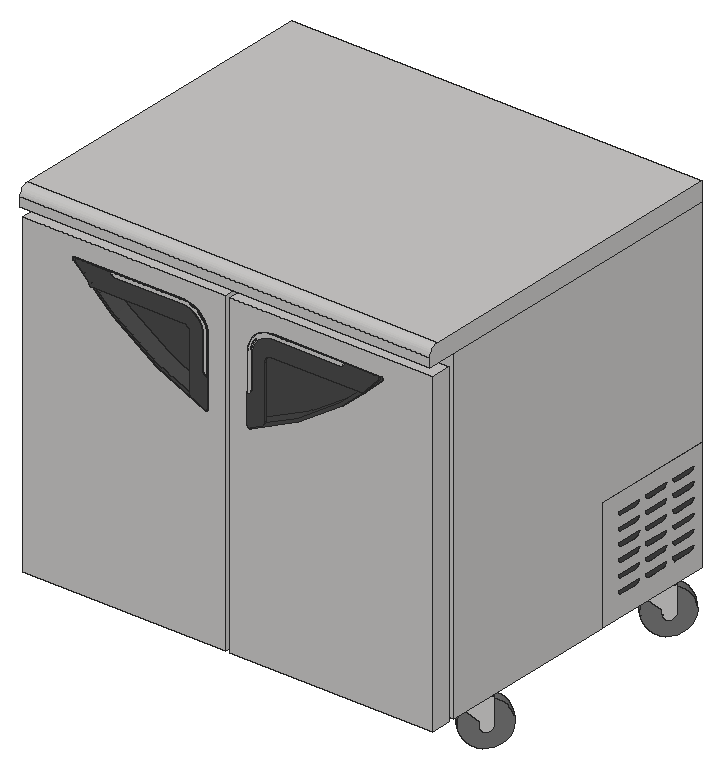
Revit family "QF_Turbo Air_TUR-36SD", category Specialty Equipment, Revit 2012
Parameters
  Weight in Pounds = 187
  Watermarked By = "http://revitwatermark.com"
  Volts = 115 V
  URL Cutsheet = ""
  URL = "www.turboairinc.com"
  Status [instance] = ""
  Specification by User [instance] = ""
  Specification by Manufacturer [instance] = ""
  Serial Number [instance] = ""
  Revision Code [instance] = ""
  Phase = 1
  Number of Poles [instance] = 1
  NAFEM Spec ID Number [instance] = ""
  Model = "TUR-36SD"
  Masterspec [instance] = ""
  Manufacturer = "Turbo Air"  # constant formula
  Legs [instance] = [6 inch Legs]  # no
  Item Number [instance] = "-"
  Installed By [instance] = ""
  HP = "1/3"
  Furnished By [instance] = ""
  Foodservice Equipment Identifier = yes
  FL Amps = 6.6 A
  Electrical Remarks [instance] = ""
  Electric Connection Type [instance] = ""
  Elec Conn RI Height [instance] = 0' - 0"
  Elec Conn Connection Height = 1' - 0"
  Description = "Undercounter Refrigerator"
  Cycle = 60 Hz
  Conn Plug = "NEMA 5-15P"
  Casters [instance] = not(Legs)  # yes
  CasterLeg Height [instance] = if([4 inch Casters], 0' 5", if([5 inch Casters], 0' 5 3/4", if([2_5 inch Casters], 0' 3 3/8", 0' 6")))  # 0' - 5"
  CSI MasterFormat = "11 41 13"
  Assembly Code = "E1090320"
  Apparent Power = if(Phase = 3, Volts * FL Amps * 1.73, Volts * FL Amps)  # 759 VA
  6 inch Legs [instance] = no
  5 inch Casters [instance] = no
  4 inch Casters [instance] = yes
  2_5 inch Casters [instance] = no
Reference planes (in)
  plane 1 "BACK": y = 0
  plane 2: z = 0
  plane 3 "LEFT": x = -20.78844
  plane 4 "Bottom": z = 5
  plane 5 "Back Stops": y = 1
  plane 6 "RIGHT": x = 15.46156
  plane 7 "FRONT": y = -30
  plane 8 "Door Clearance": y = -45.75
  plane 9 "Back of Door": y = -27.875
  plane 10 "Front of Box": y = -27.375
  plane 11 "Top of Door": z = 33.125
  plane 12 "TOP": z = 35.625
  plane 13 "Bottom of TOP": z = 34
  plane 14 "Center LR": x = -2.66344
  plane 15: x = -2.47594
  plane 16: x = -2.85094
Forms (in)
  Extrusion 1, solid, material "QF_Finishes_Stainless Steel"
    sketch origin (-20.78844, 0, 0) x (0, 1, 0) y (0, 0, 1)
      loop
        line (0, 5) -> (0, 34) -> (-27.375, 34) -> (-27.375, 5) -> (0, 5)
    from 0 to 36.25
  Extrusion 2, solid, material "QF_Finishes_Black"
    sketch origin (0, -27.375, 0) x (1, 0, 0) y (0, 0, 1)
      loop
        line (-19.78844, 32.125) -> (-19.78844, 6) -> (-3.85094, 6) -> (-3.85094, 32.125) -> (-19.78844, 32.125)
      loop
        line (-1.47594, 32.125) -> (-1.47594, 6) -> (14.46156, 6) -> (14.46156, 32.125) -> (-1.47594, 32.125)
    from 0 to 0.5
  Extrusion 3, void
    sketch origin (15.46156, 0, 0) x (0, 1, 0) y (0, 0, 1)
      loop
        line (0, 5) -> (0, 15) -> (-11, 15) -> (-11, 5) -> (0, 5)
    from 0 to -1
  Extrusion 4, solid, material "QF_Finishes_Stainless Steel"
    sketch origin (15.46156, 0, 0) x (0, 1, 0) y (0, 0, 1)
      loop
        line (-10.875, 14.875) -> (-10.875, 5) -> (0, 5) -> (0, 14.875) -> (-10.875, 14.875)
      loop
        arc (-9.25, 13.5) -> (-9.10355, 13.14645) -> (-8.75, 13) r 0.5
        line (-8.75, 13) -> (-7.25, 13)
        arc (-7.25, 13) -> (-6.89645, 13.14645) -> (-6.75, 13.5) r 0.5
        line (-6.75, 13.5) -> (-9.25, 13.5)
      loop
        arc (-6.25, 13.5) -> (-6.10355, 13.14645) -> (-5.75, 13) r 0.5
        line (-5.75, 13) -> (-4.25, 13)
        arc (-4.25, 13) -> (-3.89645, 13.14645) -> (-3.75, 13.5) r 0.5
        line (-3.75, 13.5) -> (-6.25, 13.5)
      loop
        arc (-3.25, 13.5) -> (-3.10355, 13.14645) -> (-2.75, 13) r 0.5
        line (-2.75, 13) -> (-1.25, 13)
        arc (-1.25, 13) -> (-0.89645, 13.14645) -> (-0.75, 13.5) r 0.5
        line (-0.75, 13.5) -> (-3.25, 13.5)
      loop
        arc (-9.25, 12.25) -> (-9.10355, 11.89645) -> (-8.75, 11.75) r 0.5
        line (-8.75, 11.75) -> (-7.25, 11.75)
        arc (-7.25, 11.75) -> (-6.89645, 11.89645) -> (-6.75, 12.25) r 0.5
        line (-6.75, 12.25) -> (-9.25, 12.25)
      loop
        arc (-6.25, 12.25) -> (-6.10355, 11.89645) -> (-5.75, 11.75) r 0.5
        line (-5.75, 11.75) -> (-4.25, 11.75)
        arc (-4.25, 11.75) -> (-3.89645, 11.89645) -> (-3.75, 12.25) r 0.5
        line (-3.75, 12.25) -> (-6.25, 12.25)
      loop
        arc (-3.25, 12.25) -> (-3.10355, 11.89645) -> (-2.75, 11.75) r 0.5
        line (-2.75, 11.75) -> (-1.25, 11.75)
        arc (-1.25, 11.75) -> (-0.89645, 11.89645) -> (-0.75, 12.25) r 0.5
        line (-0.75, 12.25) -> (-3.25, 12.25)
      loop
        arc (-9.25, 11) -> (-9.10355, 10.64645) -> (-8.75, 10.5) r 0.5
        line (-8.75, 10.5) -> (-7.25, 10.5)
        arc (-7.25, 10.5) -> (-6.89645, 10.64645) -> (-6.75, 11) r 0.5
        line (-6.75, 11) -> (-9.25, 11)
      loop
        arc (-6.25, 11) -> (-6.10355, 10.64645) -> (-5.75, 10.5) r 0.5
        line (-5.75, 10.5) -> (-4.25, 10.5)
        arc (-4.25, 10.5) -> (-3.89645, 10.64645) -> (-3.75, 11) r 0.5
        line (-3.75, 11) -> (-6.25, 11)
      loop
        arc (-3.25, 11) -> (-3.10355, 10.64645) -> (-2.75, 10.5) r 0.5
        line (-2.75, 10.5) -> (-1.25, 10.5)
        arc (-1.25, 10.5) -> (-0.89645, 10.64645) -> (-0.75, 11) r 0.5
        line (-0.75, 11) -> (-3.25, 11)
      loop
        arc (-9.25, 9.75) -> (-9.10355, 9.39645) -> (-8.75, 9.25) r 0.5
        line (-8.75, 9.25) -> (-7.25, 9.25)
        arc (-7.25, 9.25) -> (-6.89645, 9.39645) -> (-6.75, 9.75) r 0.5
        line (-6.75, 9.75) -> (-9.25, 9.75)
      loop
        arc (-6.25, 9.75) -> (-6.10355, 9.39645) -> (-5.75, 9.25) r 0.5
        line (-5.75, 9.25) -> (-4.25, 9.25)
        arc (-4.25, 9.25) -> (-3.89645, 9.39645) -> (-3.75, 9.75) r 0.5
        line (-3.75, 9.75) -> (-6.25, 9.75)
      loop
        arc (-3.25, 9.75) -> (-3.10355, 9.39645) -> (-2.75, 9.25) r 0.5
        line (-2.75, 9.25) -> (-1.25, 9.25)
        arc (-1.25, 9.25) -> (-0.89645, 9.39645) -> (-0.75, 9.75) r 0.5
        line (-0.75, 9.75) -> (-3.25, 9.75)
      loop
        arc (-9.25, 8.5) -> (-9.10355, 8.14645) -> (-8.75, 8) r 0.5
        line (-8.75, 8) -> (-7.25, 8)
        arc (-7.25, 8) -> (-6.89645, 8.14645) -> (-6.75, 8.5) r 0.5
        line (-6.75, 8.5) -> (-9.25, 8.5)
      loop
        arc (-6.25, 8.5) -> (-6.10355, 8.14645) -> (-5.75, 8) r 0.5
        line (-5.75, 8) -> (-4.25, 8)
        arc (-4.25, 8) -> (-3.89645, 8.14645) -> (-3.75, 8.5) r 0.5
        line (-3.75, 8.5) -> (-6.25, 8.5)
      loop
        arc (-3.25, 8.5) -> (-3.10355, 8.14645) -> (-2.75, 8) r 0.5
        line (-2.75, 8) -> (-1.25, 8)
        arc (-1.25, 8) -> (-0.89645, 8.14645) -> (-0.75, 8.5) r 0.5
        line (-0.75, 8.5) -> (-3.25, 8.5)
      loop
        arc (-9.25, 7.25) -> (-9.10355, 6.89645) -> (-8.75, 6.75) r 0.5
        line (-8.75, 6.75) -> (-7.25, 6.75)
        arc (-7.25, 6.75) -> (-6.89645, 6.89645) -> (-6.75, 7.25) r 0.5
        line (-6.75, 7.25) -> (-9.25, 7.25)
      loop
        arc (-6.25, 7.25) -> (-6.10355, 6.89645) -> (-5.75, 6.75) r 0.5
        line (-5.75, 6.75) -> (-4.25, 6.75)
        arc (-4.25, 6.75) -> (-3.89645, 6.89645) -> (-3.75, 7.25) r 0.5
        line (-3.75, 7.25) -> (-6.25, 7.25)
      loop
        arc (-3.25, 7.25) -> (-3.10355, 6.89645) -> (-2.75, 6.75) r 0.5
        line (-2.75, 6.75) -> (-1.25, 6.75)
        arc (-1.25, 6.75) -> (-0.89645, 6.89645) -> (-0.75, 7.25) r 0.5
        line (-0.75, 7.25) -> (-3.25, 7.25)
    from 0 to -1
  Extrusion 5, solid, material "QF_Finishes_Black"
    sketch origin (15.46156, 0, 0) x (0, 1, 0) y (0, 0, 1)
      loop
        line (-9.875, 13.95221) -> (-9.875, 6.20221) -> (-0.375, 6.20221) -> (-0.375, 13.95221) -> (-9.875, 13.95221)
    from -0.125 to -1
  Extrusion 6, solid, material "QF_Finishes_Black"
    sketch origin (0, 0, 0) x (1, 0, 0) y (0, 0, 1)
      loop
        circle (-14.66344, 30.8125) r 0.5
      loop
        circle (9.33656, 30.8125) r 0.5
    from 0 to -1
  Extrusion 7, solid, material "QF_Finishes_Stainless Steel"
    sketch origin (0, 0, 0) x (1, 0, 0) y (0, 0, 1)
      loop
        circle (11.46156, 11.125) r 0.25
    from 0 to -0.0625
  Extrusion 8, solid, material "QF_Finishes_Polished Steel"
    sketch origin (-20.78844, 0, 0) x (0, 1, 0) y (0, 0, 1)
      loop
        line (0, 35.625) -> (-29.1875, 35.625)
        arc (-29.1875, 35.625) -> (-29.76202, 35.38702) -> (-30, 34.8125) r 0.8125
        line (-30, 34.8125) -> (-30, 34) -> (0, 34) -> (0, 35.625)
    from 0 to 36.25
Cuts and joins
  Extrusion 3 cuts Extrusion 1
Lines and regions (in)
  symbolic lines
    curve 1: line (-20.78844, 0, 35.875) -> (15.46156, 0, 35.875)
    curve 2: line (-20.78844, -30, 35.875) -> (-20.78844, 0, 35.875)
    curve 3: line (15.46156, -30, 35.875) -> (-20.78844, -30, 35.875)
    curve 4: line (15.46156, 0, 35.875) -> (15.46156, -30, 35.875)
    curve 5: line (8.83656, 1, 35.875) -> (9.83656, 1, 35.875)
    curve 6: line (-15.16344, 1, 35.875) -> (-14.16344, 1, 35.875)
    curve 7: line (-15.16344, 1, 35.875) -> (-15.16344, 0, 35.875)
    curve 8: line (-14.16344, 1, 35.875) -> (-14.16344, 0, 35.875)
    curve 9: line (8.83656, 1, 35.875) -> (8.83656, 0, 35.875)
    curve 10: line (9.83656, 1, 35.875) -> (9.83656, 0, 35.875)
  symbolic lines, style "QF_Clearances", detail levels coarse
    curve 11: line (15.46156, -30, 35.875) -> (15.46156, -45.75, 35.875)
    curve 12: arc (15.46156, -45.75, 35.875) -> (3.59709, -41.24474, 35.875) -> (-2.28668, -30, 35.875) r 17.875
    curve 13: line (-20.78844, -30, 35.875) -> (-20.78844, -45.75, 35.875)
    curve 14: arc (-20.78844, -45.75, 35.875) -> (-8.92397, -41.24474, 35.875) -> (-3.0402, -30, 35.875) r 17.875
Dimensions and locks (in)
  "CasterLeg Height": plane 4 "Bottom" to plane 2
  locked: plane 1 "BACK" to plane 5 "Back Stops" at 1
  locked: plane 6 "RIGHT" to plane 3 "LEFT" at 36.25
  locked: plane 7 "FRONT" to plane 1 "BACK" at 30
  locked: plane 9 "Back of Door" to plane 10 "Front of Box" at 0.5
  locked: plane 8 "Door Clearance" to plane 1 "BACK" at 45.75
  locked: plane 11 "Top of Door" to Extrusion 2 sketch curve at 1  (x2)
  locked: Extrusion 2 sketch curve to plane 3 "LEFT" at 1
  locked: Extrusion 2 sketch curve to plane 4 "Bottom" at 1  (x2)
  locked: Extrusion 3 sketch curve to plane 1 "BACK" at 11
  locked: Extrusion 3 sketch curve to plane 4 "Bottom" at 10
  locked: plane 4 "Bottom" to Extrusion 4 sketch curve at 9.875
  locked: Extrusion 4 sketch curve to plane 1 "BACK" at 10.875
  locked: Extrusion 5 sketch curve to Extrusion 5 sketch curve at 7.75
  locked: Extrusion 5 sketch curve to plane 4 "Bottom" at 1.20221
  locked: Extrusion 5 sketch curve to Extrusion 5 sketch curve at 9.5
  locked: Extrusion 5 sketch curve to plane 1 "BACK" at 0.375
  locked: nested 2 to plane 1 "BACK" at 2.5625
  locked: plane 3 "LEFT" to nested 2 at 2.5
  locked: plane 3 "LEFT" to nested 3 at 2.5
  locked: plane 10 "Front of Box" to nested 3 at 4.625
  locked: nested 4 to plane 6 "RIGHT" at 2.5
  locked: nested 5 to plane 6 "RIGHT" at 2.5
  locked: plane 10 "Front of Box" to nested 5 at 4.625
  locked: nested 4 to plane 1 "BACK" at 2.5625
  locked: plane 6 "RIGHT" to Extrusion 6 sketch curve at 6.125
  locked: Extrusion 6 sketch curve to plane 3 "LEFT" at 6.125
  locked: Extrusion 7 sketch curve to plane 4 "Bottom" at 6.125
  locked: plane 6 "RIGHT" to Extrusion 7 sketch curve at 4
  locked: plane 12 "TOP" to plane 4 "Bottom" at 30.625
  locked: plane 12 "TOP" to plane 13 "Bottom of TOP" at 1.625
  locked: plane 13 "Bottom of TOP" to plane 11 "Top of Door" at 0.875
  plane 9 "Back of Door" to plane 1 "BACK" = 2' - 3 7/8"
  equal spacing: plane 3 "LEFT", plane 14 "Center LR", plane 6 "RIGHT"
  plane 16 to plane 14 "Center LR" to plane 15 = 0' - 0 3/16" locked, 0' - 0 3/16" locked
  locked: Extrusion 2 sketch curve to plane 16 at 1
  locked: Extrusion 2 sketch curve to plane 6 "RIGHT" at 1
  locked: Extrusion 2 sketch curve to plane 15 at 1
  aligned and locked: level to plane 2
  aligned and locked: plane 6 "RIGHT" to nested 1
  aligned and locked: Extrusion 1 sketch curve to plane 1 "BACK"
  aligned and locked: Extrusion 1 sketch curve to plane 4 "Bottom"
  aligned and locked: plane 10 "Front of Box" to Extrusion 1 sketch curve
  aligned and locked: plane 6 "RIGHT" to Extrusion 1
  aligned and locked: plane 9 "Back of Door" to Extrusion 2
  aligned and locked: Extrusion 3 sketch curve to plane 1 "BACK"
  aligned and locked: Extrusion 3 sketch curve to plane 4 "Bottom"
  aligned and locked: Extrusion 6 to plane 5 "Back Stops"
  aligned and locked: plane 1 "BACK" to curve 1
  aligned and locked: curve 4 to plane 6 "RIGHT"
  aligned and locked: plane 3 "LEFT" to curve 2
  aligned and locked: curve 3 to plane 7 "FRONT"
  aligned and locked: curve 5 to Extrusion 6
  aligned and locked: curve 6 to Extrusion 6
  aligned and locked: Extrusion 1 sketch curve to plane 13 "Bottom of TOP"
  aligned and locked: plane 1 "BACK" to Extrusion 8 sketch curve
  aligned and locked: plane 13 "Bottom of TOP" to Extrusion 8 sketch curve
  aligned and locked: Extrusion 8 sketch curve to plane 7 "FRONT"
  aligned and locked: Extrusion 8 sketch curve to plane 12 "TOP"
  aligned and locked: plane 6 "RIGHT" to Extrusion 8
  aligned and locked: nested 6 to plane 4 "Bottom"
  aligned and locked: plane 4 "Bottom" to nested 1
Automatic sketch dimensions
  Extrusion 4 sketch curve to plane 1 "BACK" = 0' - 0"
  Extrusion 4 sketch curve to plane 4 "Bottom" = 0' - 0"
  Extrusion 4 sketch curve to Extrusion 4 sketch curve = 0' - 1 5/8"
  Extrusion 4 sketch curve to Extrusion 4 sketch curve = 0' - 0"  (x16)
  Extrusion 4 sketch curve to Extrusion 4 sketch curve = 0' - 0 1/2"  (x31)
  Extrusion 4 sketch curve to Extrusion 4 sketch curve = 0' - 1 1/2"  (x4)
  plane 1 "BACK" to Extrusion 4 sketch curve = 0' - 1 1/4"  (x3)
  plane 4 "Bottom" to Extrusion 4 sketch curve = 0' - 1 3/4"  (x2)
  Extrusion 4 sketch curve to Extrusion 4 sketch curve = 0' - 0 3/4"  (x15)
  Extrusion 6 sketch curve to plane 11 "Top of Door" = 0' - 2 5/16"  (x2)
  Extrusion 8 sketch curve to plane 7 "FRONT" = 0' - 0 13/16"
  plane 8 "Door Clearance" to curve 11 = 0' - 0"
  plane 8 "Door Clearance" to curve 14 = 0' - 0"
  plane 9 "Back of Door" to curve 12 = 0' - 0"
  plane 9 "Back of Door" to curve 14 = 0' - 0"
  curve 10 to plane 6 "RIGHT" = 0' - 5 5/8"
  curve 5 to curve 9 = 0' - 1"
  plane 3 "LEFT" to curve 8 = 0' - 6 5/8"
  curve 6 to curve 7 = 0' - 1"
  radius of Extrusion 6 sketch curve = 0' - 0 1/2"  (x2)
  radius of Extrusion 7 sketch curve = 0' - 0 1/4"
Nested families (in)
  nested 1: "QF_Turbo Air_TBL_Door-2" at (0.28489, -27.875, 5) x (-1, 0, 0) z (0, 0, 1), type "QF_Turbo Air_TBL_Door-2"
    with Width 1' - 5 15/16", Symbolic Lines no, Height 2' - 4 1/8", Depth 0' - 1 13/16"
  nested 2: "FESCasterLeg" at (-18.28844, -2.5625, 0), Legs <- "Legs", Casters <- "Casters", Height <- "CasterLeg Height", type "FESCasterLeg"
    with Legs no, Height 0' - 5", Casters yes, Caster Radius 0' - 2"
  nested 3: "FESCasterLeg" at (-18.28844, -22.75, 0), Legs <- "Legs", Casters <- "Casters", Height <- "CasterLeg Height", type "FESCasterLeg"
    with Legs no, Height 0' - 5", Casters yes, Caster Radius 0' - 2"
  nested 4: "FESCasterLeg" at (12.96156, -2.5625, 0), Legs <- "Legs", Casters <- "Casters", Height <- "CasterLeg Height", type "FESCasterLeg"
    with Legs no, Height 0' - 5", Casters yes, Caster Radius 0' - 2"
  nested 5: "FESCasterLeg" at (12.96156, -22.75, 0), Legs <- "Legs", Casters <- "Casters", Height <- "CasterLeg Height", type "FESCasterLeg"
    with Legs no, Height 0' - 5", Casters yes, Caster Radius 0' - 2"
  nested 6: "QF_Turbo Air_TBL_Door-2" at (-5.61177, -27.875, 5), type "QF_Turbo Air_TBL_Door-2"
    with Width 1' - 5 15/16", Symbolic Lines no, Height 2' - 4 1/8", Depth 0' - 1 13/16"
Connectors (in)
  electrical at (11.46156, 0.0625, 11.125), driven by "Number of Poles", driven by "Volts", driven by "Apparent Power"
    settings: on Extrusion 7, index 1, voltage 115 V, apparent load 759 VA, apparent load phase1 0 VA, apparent load phase2 0 VA, apparent load phase3 0 VA, power factor 1, load classification "Other", number of poles 1, system type 30, power factor state 1, is connector primary yes, connector utility no, sub classification motor no, connector description ""
Definition of nested family "QF_Turbo Air_TBL_Door-2"
  Parameters (values of type "QF_Turbo Air_TBL_Door-2")
    Width [instance] = 1' - 6"
    Watermarked By = "http://revitwatermark.com"
    Symbolic Lines [instance] = yes
    Manufacturer = "Turbo Air"  # constant formula
    Height [instance] = 2' - 3 1/2"
    Depth [instance] = 0' - 1 13/16"
  Reference planes (in)
    plane 1 "BACK": y = 0
    plane 2: z = 0
    plane 3 "LEFT": x = -15.17667
    plane 4: x = 2.82333
    plane 5 "FRONT": y = -1.8125
    plane 6: z = 27.5
  Forms (in)
    Extrusion 1, solid, material "QF_Finishes_Stainless Steel"
      sketch origin (0, 0, 0) x (1, 0, 0) y (0, 0, 1)
        loop
          line (-15.17667, 27.5) -> (-15.17667, 0) -> (2.82333, 0) -> (2.82333, 27.5) -> (-15.17667, 27.5)
        loop
          arc (1.26083, 23.75) -> (0.62013, 25.2968) -> (-0.92667, 25.9375) r 2.1875
          line (-0.92667, 25.9375) -> (-10.51602, 25.9375)
          arc (-10.51602, 25.9375) -> (-10.68463, 25.82502) -> (-10.64553, 25.62614) r 0.18261
          arc (-10.64553, 25.62614) -> (-5.27313, 21.0225) -> (1.01159, 17.7731) r 30.65514
          arc (1.01159, 17.7731) -> (1.18191, 17.79728) -> (1.26083, 17.95014) r 0.1875
          line (1.26083, 17.95014) -> (1.26083, 23.75)
      from 0 to 1.8125
    Extrusion 2, solid, material "QF_Finishes_Black"
      sketch origin (0, 0, 0) x (1, 0, 0) y (0, 0, 1)
        loop
          arc (-10.51602, 25.9375) -> (-10.68463, 25.82502) -> (-10.64553, 25.62614) r 0.18261
          arc (-10.64553, 25.62614) -> (-5.27313, 21.0225) -> (1.01159, 17.7731) r 30.65514
          arc (1.01159, 17.7731) -> (1.18191, 17.79728) -> (1.26083, 17.95014) r 0.1875
          line (1.26083, 17.95014) -> (1.26083, 23.75)
          arc (1.26083, 23.75) -> (0.62013, 25.2968) -> (-0.92667, 25.9375) r 2.1875
          line (-0.92667, 25.9375) -> (-10.51602, 25.9375)
      from 0 to 0.25
    Extrusion 3, solid, material "QF_Finishes_Black"
      sketch origin (0, -1.8125, 0) x (1, 0, 0) y (0, 0, 1)
        loop
          arc (-10.51602, 25.9375) -> (-10.68463, 25.82502) -> (-10.64553, 25.62614) r 0.18261
          arc (-10.64553, 25.62614) -> (-5.27313, 21.0225) -> (1.01159, 17.7731) r 30.65514
          arc (1.01159, 17.7731) -> (1.18191, 17.79728) -> (1.26083, 17.95014) r 0.1875
          line (1.26083, 17.95014) -> (1.26083, 23.75)
          arc (1.26083, 23.75) -> (0.62013, 25.2968) -> (-0.92667, 25.9375) r 2.1875
          line (-0.92667, 25.9375) -> (-10.51602, 25.9375)
        loop
          arc (-10.3612, 25.6875) -> (-5.1116, 21.21513) -> (1.01083, 18.04082) r 30.40514
          line (1.01083, 18.04082) -> (1.01083, 23.75)
          arc (1.01083, 23.75) -> (0.44335, 25.12002) -> (-0.92667, 25.6875) r 1.9375
          line (-0.92667, 25.6875) -> (-10.3612, 25.6875)
      from 0 to -1.5625
    Extrusion 4, solid, material "QF_Finishes_Stainless Steel"
      sketch origin (0, -1.8125, 0) x (1, 0, 0) y (0, 0, 1)
        loop
          line (0.8693, 23.74703) -> (0.8693, 20.9359)
          arc (0.8693, 20.9359) -> (0.97619, 20.67783) -> (1.23426, 20.57094) r 0.36497
          line (1.23426, 20.57094) -> (1.23426, 23.75728)
          arc (1.23426, 23.75728) -> (0.60343, 25.28026) -> (-0.91955, 25.9111) r 2.15381
          line (-0.91955, 25.9111) -> (-7.29364, 25.9111)
          arc (-7.29364, 25.9111) -> (-7.18686, 25.6533) -> (-6.92907, 25.54652) r 0.36457
          line (-6.92907, 25.54652) -> (-0.9302, 25.54652)
          arc (-0.9302, 25.54652) -> (0.34224, 25.01946) -> (0.8693, 23.74703) r 1.79949
      from 0 to 0.0625
    Extrusion 5, solid, material "QF_Finishes_Black"
      sketch origin (0, -1.8125, 0) x (1, 0, 0) y (0, 0, 1)
        loop
          line (-7.29579, 25.91713) -> (-10.23685, 25.91713)
          arc (-10.23685, 25.91713) -> (-10.4057, 25.80626) -> (-10.37109, 25.60724) r 0.18402
          arc (-10.37109, 25.60724) -> (-9.82156, 25.0362) -> (-9.25736, 24.47964) r 30.46741
          arc (-9.25736, 24.47964) -> (-9.13766, 24.40221) -> (-8.99771, 24.37509) r 0.37471
          line (-8.99771, 24.37509) -> (-0.92669, 24.37509)
          arc (-0.92669, 24.37509) -> (-0.48472, 24.19202) -> (-0.30165, 23.75005) r 0.62505
          line (-0.30165, 23.75005) -> (-0.30165, 18.75593)
          arc (-0.30165, 18.75593) -> (-0.23944, 18.54909) -> (-0.07345, 18.41087) r 0.375
          arc (-0.07345, 18.41087) -> (0.46451, 18.18804) -> (1.00663, 17.97553) r 30.46765
          arc (1.00663, 17.97553) -> (1.17982, 17.99636) -> (1.26095, 18.15079) r 0.18755
          line (1.26095, 18.15079) -> (1.26095, 20.57213)
          arc (1.26095, 20.57213) -> (0.98629, 20.66883) -> (0.87001, 20.93579) r 0.36461
          line (0.87001, 20.93579) -> (0.87001, 23.74835)
          arc (0.87001, 23.74835) -> (0.34256, 25.02175) -> (-0.93084, 25.54921) r 1.80086
          line (-0.93084, 25.54921) -> (-6.92787, 25.54921)
          arc (-6.92787, 25.54921) -> (-7.18803, 25.65697) -> (-7.29579, 25.91713) r 0.36792
      from 0 to 0.0625
  Lines and regions (in)
    symbolic lines, visible <- "Symbolic Lines"
      curve 1: line (-15.17667, 0, 25.96875) -> (2.82333, 0, 25.96875)
      curve 2: line (-15.17667, -1.8125, 25.96875) -> (-15.17667, 0, 25.96875)
      curve 3: line (2.82333, -1.8125, 25.96875) -> (-15.17667, -1.8125, 25.96875)
      curve 4: line (2.82333, 0, 25.96875) -> (2.82333, -1.8125, 25.96875)
  Dimensions and locks (in)
    "Width": plane 4 to plane 3 "LEFT"
    "Depth": plane 5 "FRONT" to plane 1 "BACK"
    "Height": plane 6 to plane 2
    locked: plane 4 to Extrusion 1 sketch curve at 3.75
    locked: plane 6 to Extrusion 1 sketch curve at 3.75
    locked: plane 6 to Extrusion 1 sketch curve at 9.54986
    locked: plane 4 to Extrusion 1 sketch curve at 1.5625
    locked: plane 6 to Extrusion 1 sketch curve at 1.5625
    locked: plane 4 to Extrusion 1 sketch curve at 13.33935
    locked: plane 6 to Extrusion 1 sketch curve at 1.87386
    locked: plane 6 to Extrusion 1 sketch curve at 9.7269
    locked: plane 4 to Extrusion 1 sketch curve at 1.81175
    locked: plane 4 to Extrusion 1 sketch curve at 13.46886
    locked: Extrusion 4 sketch curve to Extrusion 4 sketch curve at 0.36457
    locked: Extrusion 4 sketch curve to Extrusion 4 sketch curve at 0.36497
    locked: plane 4 to Extrusion 4 sketch curve at 1.58907
    locked: plane 6 to Extrusion 4 sketch curve at 1.5889
    plane 4 to Extrusion 4 sketch curve = 0' - 10.11697"
    locked: plane 4 to Extrusion 4 sketch curve at 9.7524
    locked: plane 4 to Extrusion 4 sketch curve at 3.74288
    locked: plane 4 to Extrusion 4 sketch curve at 3.75353
    locked: plane 6 to Extrusion 4 sketch curve at 3.74272
    locked: plane 6 to Extrusion 4 sketch curve at 3.75297
    locked: plane 6 to Extrusion 4 sketch curve at 6.92906
    locked: plane 6 to Extrusion 4 sketch curve at 6.5641
    locked: plane 4 to Extrusion 2 sketch curve at 3.75
    locked: plane 4 to Extrusion 2 sketch curve at 13.33935
    locked: plane 4 to Extrusion 2 sketch curve at 13.46886
    locked: plane 4 to Extrusion 2 sketch curve at 1.81175
    locked: plane 4 to Extrusion 2 sketch curve at 1.5625
    locked: plane 4 to Extrusion 5 sketch curve at 1.56238
    locked: plane 4 to Extrusion 5 sketch curve at 1.95332
    locked: plane 4 to Extrusion 5 sketch curve at 3.75417
    locked: plane 4 to Extrusion 5 sketch curve at 9.75121
    locked: plane 4 to Extrusion 5 sketch curve at 10.11912
    locked: plane 4 to Extrusion 5 sketch curve at 13.06018
    locked: plane 4 to Extrusion 5 sketch curve at 13.19443
    locked: plane 4 to Extrusion 5 sketch curve at 12.0807
    locked: plane 4 to Extrusion 5 sketch curve at 11.82104
    locked: plane 4 to Extrusion 5 sketch curve at 3.75003
    locked: plane 4 to Extrusion 5 sketch curve at 3.12498
    locked: plane 4 to Extrusion 5 sketch curve at 2.89679
    locked: plane 4 to Extrusion 5 sketch curve at 1.81671
    aligned and locked: level to plane 2
    aligned and locked: Extrusion 1 sketch curve to plane 6
    aligned and locked: plane 3 "LEFT" to Extrusion 1 sketch curve
    aligned and locked: level to Extrusion 1 sketch curve
    aligned and locked: Extrusion 1 sketch curve to plane 4
    aligned and locked: plane 5 "FRONT" to Extrusion 1
    aligned and locked: plane 1 "BACK" to curve 1
    aligned and locked: plane 3 "LEFT" to curve 2
    aligned and locked: curve 3 to plane 5 "FRONT"
    aligned and locked: curve 4 to plane 4
    aligned and locked: Extrusion 3 sketch curve to Extrusion 1  (x4)
  Automatic sketch dimensions
    plane 4 to Extrusion 1 sketch curve = 0' - 9.03101"
    Extrusion 2 sketch curve to plane 6 = 0' - 1 9/16"
    Extrusion 2 sketch curve to Extrusion 2 sketch curve = 0' - 5.79986"
    Extrusion 2 sketch curve to Extrusion 2 sketch curve = 0' - 0.31136"
    plane 4 to Extrusion 2 sketch curve = 0' - 9.03101"
    Extrusion 2 sketch curve to Extrusion 2 sketch curve = 0' - 0.17704"
    Extrusion 3 sketch curve to Extrusion 3 sketch curve = 0' - 0.12951"
    Extrusion 3 sketch curve to Extrusion 3 sketch curve = 0' - 0.15482"
    Extrusion 3 sketch curve to Extrusion 3 sketch curve = 0' - 0"  (x4)
    Extrusion 3 sketch curve to Extrusion 3 sketch curve = 0' - 0.00075"
    Extrusion 3 sketch curve to Extrusion 3 sketch curve = 0' - 0.09068"
    Extrusion 5 sketch curve to Extrusion 5 sketch curve = 0' - 0"  (x4)
    Extrusion 5 sketch curve to Extrusion 5 sketch curve = 0' - 0.00072"
    Extrusion 5 sketch curve to Extrusion 5 sketch curve = 0' - 2.81256"
    Extrusion 5 sketch curve to Extrusion 5 sketch curve = 0' - 0.36461"
    Extrusion 5 sketch curve to Extrusion 5 sketch curve = 0' - 1.8162"
    Extrusion 5 sketch curve to plane 6 = 0' - 1.89276"
    Extrusion 5 sketch curve to Extrusion 5 sketch curve = 0' - 0.14681"
    Extrusion 5 sketch curve to Extrusion 5 sketch curve = 0' - 0.06678"
    Extrusion 5 sketch curve to plane 6 = 0' - 1.58287"
Definition of nested family "FESCasterLeg"
  Parameters (values of type "FESCasterLeg")
    Watermarked By = "http://revitwatermark.com"
    Type Comments = "⍁⍉⌁⌀⏭⎽⌇⍠⌜⍉⎖⌥⌦⌯⍭⏊⍻⍿⍊⏵⍊⏗⏠⍴⎡⌈⎀⍠⌓⌤⏘⎐⍀⌐⏬⏁⎈⏍⏦⎒⏬⌝⍩⍇⌣〈⎫〉⎁⏊⍥⍖⍥⍝⍦⌖⍀⏌⏭⎝⎼⏷⏞⍻⏯⎽⏷⏞⍻⏯⎽⏷⎺⌻⎝⍎⌧⏷⏟⏿⌿⍜⍦⍤⌁⍬⏶⏎⍊⏚⏉⎞⌡⎀⎪⏈⌟⌿⍾⍼⌟⌿⌢⌞⏜⏝⎽⍷⍷⍯⍧⍷⌯⍽⏸⏨⏾⏎⌣⏺⍹⏼⏅⎏⌽⎫⎪⍙⎓⏗⎗⏅⌴⍏⍏⍿⏑⎺⍘⌭⏲⍥⎛⎾⎾⍞⍌⎪⎲⌙⎥⏏⎟⎟⏼⏘⎏⎝⏧⏍⏁⍏⍧⏯⏾⌟"
    Legs [instance] = yes
    Height [instance] = 0' - 6"
    Caster Radius [instance] = if(Height < 0' 3", 0' 1", (Height / 2) - 0' 0 1/2")  # 0' - 2 1/2"
    Casters [instance] = yes
    Assembly Code = ""
  Reference planes (in)
    plane 1 "Center (Front/Back)": y = 0
    plane 2: z = 0
    plane 3 "Center (Left/Right)": x = 0
    plane 4: z = 6
    plane 5: z = 5.5
  Forms (in)
    Extrusion 1, solid, material "QF_Finishes_Stainless Steel", visible <- "Casters"
      sketch origin (-24.12131, -22.88887, 10.18833) x (0.707107, 0.707107, 0) y (0, 0, 1)
        loop
          line (34.98772, -7.68833) -> (34.98772, -4.93833) -> (34.48772, -4.93833) -> (34.39402, -4.68833) -> (32.39402, -4.68833) -> (32.39402, -5.43833) -> (33.98772, -7.34206) -> (33.98772, -7.68833)
          arc (33.98772, -7.68833) -> (34.48772, -8.18833) -> (34.98772, -7.68833) r 0.5
      from 0 to 1.75
    Extrusion 2, solid, material "QF_Finishes_Rubber Black", visible <- "Casters"
      sketch origin (-24.32327, -23.09083, 13.31461) x (0.707107, 0.707107, 0) y (0, 0, 1)
        loop
          circle (34.77334, -10.81461) r 2.5
      from 0.375 to 1.375
    Extrusion 3, solid, material "QF_Finishes_Stainless Steel", visible <- "Casters"
      sketch origin (-7.24148, -8.48391, 0) x (0.707107, 0.707107, 0) y (0, 0, 1)
        loop
          line (10.61603, 5.5) -> (11.61603, 5.5) -> (11.61603, 6) -> (10.61603, 6) -> (10.61603, 5.5)
      from 0 to -1.75
    Blend 4, solid, material "QF_Finishes_Stainless Steel", visible <- "Legs"
      base sketch origin (0, 0, 0) x (1, 0, 0) y (0, 1, 0)
        loop
          circle (0, 0) r 0.5
      top sketch origin (0, 0, 0) x (1, 0, 0) y (0, 1, 0)
        loop
          circle (0, 0) r 1
      from 0 to 6 <- "Height"
  Lines and regions (in)
    symbolic lines, style "QF_Hidden Details", visible <- "Casters", built-in parameter 1006206 <- "Casters"
      curve 1: line (-1.26158, -0.51911, 0) -> (1.39007, 2.13254, 0)
      curve 2: line (-0.53429, -1.24639, 0) -> (2.11736, 1.40526, 0)
    symbolic lines, style "QF_Hidden Details", built-in parameter 1006206 <- "Casters", visible <- "Casters"
      curve 3: line (-1.26158, -0.51911, 0) -> (1.39007, 2.13254, 0)
      curve 4: line (-0.53429, -1.24639, 0) -> (2.11736, 1.40526, 0)
  Dimensions and locks (in)
    locked: plane 4 to plane 5 at 0.5
    "Height": plane 4 to level
    "Caster Radius": Extrusion 2 sketch curve to level
    "Caster Radius": Extrusion 1 sketch curve to level
    "Caster Radius": radius of Extrusion 2 sketch curve
    aligned and locked: plane 2 to level
    aligned: Blend 4 to Extrusion 3
    aligned and locked: plane 4 to Blend 4
    aligned and locked: Extrusion 3 to plane 5
    aligned and locked: plane 4 to Extrusion 3
    aligned and locked: plane 5 to Extrusion 1
  Automatic sketch dimensions
    plane 1 "Center (Front/Back)" to curve 3 = 0' - 0.51911"
    curve 3 to plane 3 "Center (Left/Right)" = 0' - 1.26158"
    plane 1 "Center (Front/Back)" to curve 1 = 0' - 0.51911"
    curve 1 to curve 3 = 0' - 0"  (x3)
    curve 4 to plane 3 "Center (Left/Right)" = 0' - 0.53429"
    curve 2 to curve 4 = 0' - 0"  (x2)
    plane 3 "Center (Left/Right)" to curve 3 = 0' - 1.39007"
    curve 1 to curve 4 = 0' - 0.72729"
    curve 2 to curve 1 = 0' - 0.72729"
    curve 4 to curve 2 = 0' - 0"  (x2)
    curve 2 to plane 1 "Center (Front/Back)" = 0' - 1.40526"
    curve 2 to curve 3 = 0' - 0.72729"
    plane 5 to Extrusion 1 sketch curve = 0' - 0"
    Extrusion 1 sketch curve to Extrusion 1 sketch curve = 0' - 1.5937"
    Extrusion 1 sketch curve to Extrusion 1 sketch curve = 0' - 2"
    Extrusion 1 sketch curve to Extrusion 1 sketch curve = 0' - 0.0937"
    Extrusion 1 sketch curve to Extrusion 1 sketch curve = 0' - 0 1/2"
    Extrusion 1 sketch curve to Extrusion 1 sketch curve = 0' - 0.34627"
    Extrusion 1 sketch curve to plane 5 = 0' - 0 3/4"
    Extrusion 1 sketch curve to plane 5 = 0' - 0 1/4"
    Extrusion 3 sketch curve to plane 5 = 0' - 0"
    plane 4 to Extrusion 3 sketch curve = 0' - 0"
    Extrusion 3 sketch curve to Extrusion 3 sketch curve = 0' - 1"
    plane 1 "Center (Front/Back)" to Blend 4 sketch curve = 0' - 0"  (x2)
    Blend 4 sketch curve to plane 3 "Center (Left/Right)" = 0' - 0"  (x2)
    radius of Blend 4 sketch curve = 0' - 0 1/2"
    radius of Blend 4 sketch curve = 0' - 1"
